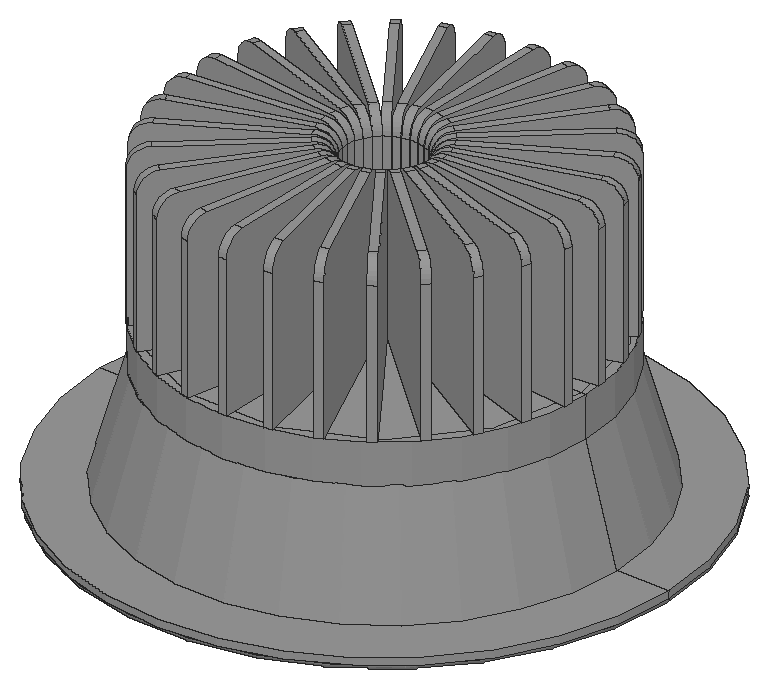
Revit family "WIL2_63_UN_Downlighter_ETK", category Lighting Fixtures, Revit 2017 (continued)
Definition of nested family "WIL.2 - Lightsource"
  Types (8, lengths in mm): name | Wattage Comments | Wattage | built-in parameter 1150134 | Photometric Web File | built-in parameter 1150142 | built-in parameter 1150105 | Lumens | built-in parameter 1150107 | built-in parameter 1150106 | Apparent Load
    WIL.2200.10 - LED 13W / 2020lm / 4000K | "13W" | 13.5989 W | 12 | "WIL.2200.10.ies" | "IESNA:LM-63-2002\r\n[TEST] /2017\r\n[TESTLAB] ies2eulumdat.appspot.com\r\n[ISSUEDATE] 2020-11-13T14:07:51.753\r\n[MANUFAC] www.etk.nl\r\n[LUMCAT] WIL.2200.10\r\n[LUMINAIRE] WIL.2 LED 13W 4000K helder wit Ø145 IP43\r\n[LAMPCAT] LED\r\n[LAMP] LED\r\nTILT=NONE\r\n1\t1520\t1\t19\t72\t1\t2\t-0.088\t-0.088\t0.001\r\n1.0\t1.0\t13.00\r\n0\t 5\t 10\t 15\t 20\t 25\t 30\t 35\t 40\t 45\r\n50\t 55\t 60\t 65\t 70\t 75\t 80\t 85\t 90\r\n0\t 5\t 10\t 15\t 20\t 25\t 30\t 35\t 40\t 45\r\n50\t 55\t 60\t 65\t 70\t 75\t 80\t 85\t 90\t 95\r\n100\t 105\t 110\t 115\t 120\t 125\t 130\t 135\t 140\t 145\r\n150\t 155\t 160\t 165\t 170\t 175\t 180\t 185\t 190\t 195\r\n200\t 205\t 210\t 215\t 220\t 225\t 230\t 235\t 240\t 245\r\n250\t 255\t 260\t 265\t 270\t 275\t 280\t 285\t 290\t 295\r\n300\t 305\t 310\t 315\t 320\t 325\t 330\t 335\t 340\t 345\r\n350\t 355\r\n1328.8144\t1310.5744\t1254.5016\t1143.6936\t998.032\t907.1664\t741.6536\t619.2632\t490.5952\t218.88\r\n42.1192\t35.2336\t27.6032\t17.8904\t17.0392\t12.7224\t12.5856\t6.9616\t0.3496\r\n1328.8144\t1310.2248\t1253.1336\t1142.3256\t995.98\t904.7648\t742.6416\t620.2968\t492.3736\t224.352\r\n42.0888\t35.2336\t28.044\t18.7416\t17.5256\t12.7224\t13.0264\t7.4024\t0.3496\r\n1328.8144\t1309.8144\t1252.6624\t1141.3224\t995.6304\t902.6672\t743.6448\t623.96\t494.5624\t231.1008\r\n42.5752\t35.2184\t28.5\t18.7416\t17.4648\t13.0872\t12.1144\t7.4024\t0.3496\r\n1328.8144\t1310.2248\t1253.1944\t1140.7904\t994.7336\t903.4576\t745.484\t627.9576\t497.3592\t236.9984\r\n42.5296\t35.6896\t28.88\t19.1064\t17.0392\t13.148\t12.1144\t7.4024\t0.3496\r\n1328.8144\t1310.1184\t1252.3128\t1138.9056\t994.384\t903.412\t747.3992\t630.9216\t496.8728\t239.932\r\n42.9856\t35.644\t28.424\t18.6808\t17.5256\t13.0872\t13.0264\t7.8736\t0.3496\r\n1328.8144\t1309.8296\t1252.7688\t1139.4224\t993.5632\t904.5064\t750.6368\t633.8856\t497.4048\t243.6864\r\n42.9856\t36.5712\t28.804\t18.6808\t17.4648\t13.528\t12.9656\t7.4024\t0.3496\r\n1328.8144\t1310.164\t1252.8296\t1138.9056\t994.9768\t906.3608\t752.0808\t636.5152\t497.8608\t247.9576\r\n43.472\t36.5712\t29.7008\t19.532\t18.5136\t13.528\t13.0264\t7.8432\t0.3496\r\n1328.8144\t1310.2248\t1251.416\t1139.0728\t994.5208\t906.7256\t754.072\t637.6096\t499.2744\t254.2808\r\n43.928\t37.4528\t30.1568\t19.532\t18.4528\t13.528\t13.0264\t7.7824\t0.3496\r\n1328.8144\t1310.3008\t1250.504\t1138.556\t995.3264\t909.1576\t755.4552\t637.2904\t499.2744\t258.856\r\n44.384\t37.9088\t31.4336\t19.8968\t17.4648\t13.5128\t13.4368\t7.8432\t0.3496\r\n1328.8144\t1310.2704\t1250.58\t1138.556\t996.1776\t910.6472\t755.4552\t637.3512\t500.1712\t262.6712\r\n44.8704\t37.9088\t31.4336\t19.9576\t17.9664\t13.9536\t12.9656\t7.4024\t0.3496\r\n1328.8144\t1310.2248\t1250.1544\t1137.6136\t994.5816\t910.3128\t755.9112\t636.88\t502.3904\t268.1128\r\n45.2808\t38.7904\t31.8136\t19.8968\t18.392\t13.9536\t13.4672\t7.4024\t0.3496\r\n1328.8144\t1310.2248\t1249.212\t1137.0968\t993.7608\t911.4224\t757.2944\t638.8104\t504.6096\t274.0104\r\n45.2808\t39.2464\t32.2544\t20.3224\t18.4528\t14.364\t13.4216\t7.4024\t0.2584\r\n1328.8144\t1310.7568\t1249.6832\t1137.188\t994.5208\t913.1552\t759.62\t639.0688\t505.0656\t276.564\r\n46.2232\t39.292\t32.7104\t20.3224\t18.4528\t14.364\t13.8776\t7.8432\t0.3496\r\n1328.8144\t1310.7568\t1248.8016\t1136.656\t996.588\t912.8056\t760.4712\t639.844\t505.5064\t279.9536\r\n46.2232\t39.2464\t32.7104\t20.3224\t18.9392\t13.9536\t13.8776\t7.7824\t0.3496\r\n1328.8144\t1310.3008\t1247.4336\t1135.7288\t995.8128\t913.5504\t762.3256\t640.224\t505.0048\t282.4008\r\n46.2232\t40.1736\t33.1512\t20.748\t18.9392\t13.9536\t13.8776\t8.2536\t0.3496\r\n1328.8144\t1310.3312\t1247.844\t1135.7288\t995.4024\t915.6176\t762.8424\t638.704\t504.564\t285.7904\r\n46.6336\t39.7024\t33.5312\t20.6872\t18.9392\t13.9536\t13.8776\t8.2536\t0.3496\r\n1328.8144\t1311.988\t1247.4944\t1134.2848\t994.6424\t915.5568\t761.7936\t637.2296\t503.2264\t285.7296\r\n46.6336\t40.584\t33.0904\t20.748\t18.9392\t13.9536\t14.2728\t8.2536\t0.3496\r\n1328.8144\t1311.1064\t1245.64\t1131.8984\t994.6424\t916.6056\t761.3984\t636.1352\t503.1808\t286.5504\r\n46.6336\t40.1128\t33.5312\t20.748\t19.4256\t14.8048\t14.3184\t8.2536\t0.3496\r\n1328.8144\t1312.8696\t1245.2752\t1131.0472\t994.2928\t916.256\t759.9392\t635.4208\t502.3448\t286.1552\r\n47.576\t40.128\t33.0904\t21.1736\t19.4256\t14.8048\t14.2728\t8.2536\t0.3496\r\n1328.8144\t1311.1064\t1245.64\t1131.8984\t994.6424\t916.6056\t761.3984\t636.1352\t503.1808\t286.5504\r\n46.6336\t40.1128\t33.5312\t20.748\t19.4256\t14.8048\t14.3184\t8.2536\t0.3496\r\n1328.8144\t1311.988\t1247.4944\t1134.2848\t994.6424\t915.5568\t761.7936\t637.2296\t503.2264\t285.7296\r\n46.6336\t40.584\t33.0904\t20.748\t18.9392\t13.9536\t14.2728\t8.2536\t0.3496\r\n1328.8144\t1310.3312\t1247.844\t1135.7288\t995.4024\t915.6176\t762.8424\t638.704\t504.564\t285.7904\r\n46.6336\t39.7024\t33.5312\t20.6872\t18.9392\t13.9536\t13.8776\t8.2536\t0.3496\r\n1328.8144\t1310.3008\t1247.4336\t1135.7288\t995.8128\t913.5504\t762.3256\t640.224\t505.0048\t282.4008\r\n46.2232\t40.1736\t33.1512\t20.748\t18.9392\t13.9536\t13.8776\t8.2536\t0.3496\r\n1328.8144\t1310.7568\t1248.8016\t1136.656\t996.588\t912.8056\t760.4712\t639.844\t505.5064\t279.9536\r\n46.2232\t39.2464\t32.7104\t20.3224\t18.9392\t13.9536\t13.8776\t7.7824\t0.3496\r\n1328.8144\t1310.7568\t1249.6832\t1137.188\t994.5208\t913.1552\t759.62\t639.0688\t505.0656\t276.564\r\n46.2232\t39.292\t32.7104\t20.3224\t18.4528\t14.364\t13.8776\t7.8432\t0.3496\r\n1328.8144\t1310.2248\t1249.212\t1137.0968\t993.7608\t911.4224\t757.2944\t638.8104\t504.6096\t274.0104\r\n45.2808\t39.2464\t32.2544\t20.3224\t18.4528\t14.364\t13.4216\t7.4024\t0.2584\r\n1328.8144\t1310.2248\t1250.1544\t1137.6136\t994.5816\t910.3128\t755.9112\t636.88\t502.3904\t268.1128\r\n45.2808\t38.7904\t31.8136\t19.8968\t18.392\t13.9536\t13.4672\t7.4024\t0.3496\r\n1328.8144\t1310.2704\t1250.58\t1138.556\t996.1776\t910.6472\t755.4552\t637.3512\t500.1712\t262.6712\r\n44.8704\t37.9088\t31.4336\t19.9576\t17.9664\t13.9536\t12.9656\t7.4024\t0.3496\r\n1328.8144\t1310.3008\t1250.504\t1138.556\t995.3264\t909.1576\t755.4552\t637.2904\t499.2744\t258.856\r\n44.384\t37.9088\t31.4336\t19.8968\t17.4648\t13.5128\t13.4368\t7.8432\t0.3496\r\n1328.8144\t1310.2248\t1251.416\t1139.0728\t994.5208\t906.7256\t754.072\t637.6096\t499.2744\t254.2808\r\n43.928\t37.4528\t30.1568\t19.532\t18.4528\t13.528\t13.0264\t7.7824\t0.3496\r\n1328.8144\t1310.164\t1252.8296\t1138.9056\t994.9768\t906.3608\t752.0808\t636.5152\t497.8608\t247.9576\r\n43.472\t36.5712\t29.7008\t19.532\t18.5136\t13.528\t13.0264\t7.8432\t0.3496\r\n1328.8144\t1309.8296\t1252.7688\t1139.4224\t993.5632\t904.5064\t750.6368\t633.8856\t497.4048\t243.6864\r\n42.9856\t36.5712\t28.804\t18.6808\t17.4648\t13.528\t12.9656\t7.4024\t0.3496\r\n1328.8144\t1310.1184\t1252.3128\t1138.9056\t994.384\t903.412\t747.3992\t630.9216\t496.8728\t239.932\r\n42.9856\t35.644\t28.424\t18.6808\t17.5256\t13.0872\t13.0264\t7.8736\t0.3496\r\n1328.8144\t1310.2248\t1253.1944\t1140.7904\t994.7336\t903.4576\t745.484\t627.9576\t497.3592\t236.9984\r\n42.5296\t35.6896\t28.88\t19.1064\t17.0392\t13.148\t12.1144\t7.4024\t0.3496\r\n1328.8144\t1309.8144\t1252.6624\t1141.3224\t995.6304\t902.6672\t743.6448\t623.96\t494.5624\t231.1008\r\n42.5752\t35.2184\t28.5\t18.7416\t17.4648\t13.0872\t12.1144\t7.4024\t0.3496\r\n1328.8144\t1310.2248\t1253.1336\t1142.3256\t995.98\t904.7648\t742.6416\t620.2968\t492.3736\t224.352\r\n42.0888\t35.2336\t28.044\t18.7416\t17.5256\t12.7224\t13.0264\t7.4024\t0.3496\r\n1328.8144\t1310.5744\t1254.5016\t1143.6936\t998.032\t907.1664\t741.6536\t619.2632\t490.5952\t218.88\r\n42.1192\t35.2336\t27.6032\t17.8904\t17.0392\t12.7224\t12.5856\t6.9616\t0.3496\r\n1328.8144\t1310.2248\t1253.1336\t1142.3256\t995.98\t904.7648\t742.6416\t620.2968\t492.3736\t224.352\r\n42.0888\t35.2336\t28.044\t18.7416\t17.5256\t12.7224\t13.0264\t7.4024\t0.3496\r\n1328.8144\t1309.8144\t1252.6624\t1141.3224\t995.6304\t902.6672\t743.6448\t623.96\t494.5624\t231.1008\r\n42.5752\t35.2184\t28.5\t18.7416\t17.4648\t13.0872\t12.1144\t7.4024\t0.3496\r\n1328.8144\t1310.2248\t1253.1944\t1140.7904\t994.7336\t903.4576\t745.484\t627.9576\t497.3592\t236.9984\r\n42.5296\t35.6896\t28.88\t19.1064\t17.0392\t13.148\t12.1144\t7.4024\t0.3496\r\n1328.8144\t1310.1184\t1252.3128\t1138.9056\t994.384\t903.412\t747.3992\t630.9216\t496.8728\t239.932\r\n42.9856\t35.644\t28.424\t18.6808\t17.5256\t13.0872\t13.0264\t7.8736\t0.3496\r\n1328.8144\t1309.8296\t1252.7688\t1139.4224\t993.5632\t904.5064\t750.6368\t633.8856\t497.4048\t243.6864\r\n42.9856\t36.5712\t28.804\t18.6808\t17.4648\t13.528\t12.9656\t7.4024\t0.3496\r\n1328.8144\t1310.164\t1252.8296\t1138.9056\t994.9768\t906.3608\t752.0808\t636.5152\t497.8608\t247.9576\r\n43.472\t36.5712\t29.7008\t19.532\t18.5136\t13.528\t13.0264\t7.8432\t0.3496\r\n1328.8144\t1310.2248\t1251.416\t1139.0728\t994.5208\t906.7256\t754.072\t637.6096\t499.2744\t254.2808\r\n43.928\t37.4528\t30.1568\t19.532\t18.4528\t13.528\t13.0264\t7.7824\t0.3496\r\n1328.8144\t1310.3008\t1250.504\t1138.556\t995.3264\t909.1576\t755.4552\t637.2904\t499.2744\t258.856\r\n44.384\t37.9088\t31.4336\t19.8968\t17.4648\t13.5128\t13.4368\t7.8432\t0.3496\r\n1328.8144\t1310.2704\t1250.58\t1138.556\t996.1776\t910.6472\t755.4552\t637.3512\t500.1712\t262.6712\r\n44.8704\t37.9088\t31.4336\t19.9576\t17.9664\t13.9536\t12.9656\t7.4024\t0.3496\r\n1328.8144\t1310.2248\t1250.1544\t1137.6136\t994.5816\t910.3128\t755.9112\t636.88\t502.3904\t268.1128\r\n45.2808\t38.7904\t31.8136\t19.8968\t18.392\t13.9536\t13.4672\t7.4024\t0.3496\r\n1328.8144\t1310.2248\t1249.212\t1137.0968\t993.7608\t911.4224\t757.2944\t638.8104\t504.6096\t274.0104\r\n45.2808\t39.2464\t32.2544\t20.3224\t18.4528\t14.364\t13.4216\t7.4024\t0.2584\r\n1328.8144\t1310.7568\t1249.6832\t1137.188\t994.5208\t913.1552\t759.62\t639.0688\t505.0656\t276.564\r\n46.2232\t39.292\t32.7104\t20.3224\t18.4528\t14.364\t13.8776\t7.8432\t0.3496\r\n1328.8144\t1310.7568\t1248.8016\t1136.656\t996.588\t912.8056\t760.4712\t639.844\t505.5064\t279.9536\r\n46.2232\t39.2464\t32.7104\t20.3224\t18.9392\t13.9536\t13.8776\t7.7824\t0.3496\r\n1328.8144\t1310.3008\t1247.4336\t1135.7288\t995.8128\t913.5504\t762.3256\t640.224\t505.0048\t282.4008\r\n46.2232\t40.1736\t33.1512\t20.748\t18.9392\t13.9536\t13.8776\t8.2536\t0.3496\r\n1328.8144\t1310.3312\t1247.844\t1135.7288\t995.4024\t915.6176\t762.8424\t638.704\t504.564\t285.7904\r\n46.6336\t39.7024\t33.5312\t20.6872\t18.9392\t13.9536\t13.8776\t8.2536\t0.3496\r\n1328.8144\t1311.988\t1247.4944\t1134.2848\t994.6424\t915.5568\t761.7936\t637.2296\t503.2264\t285.7296\r\n46.6336\t40.584\t33.0904\t20.748\t18.9392\t13.9536\t14.2728\t8.2536\t0.3496\r\n1328.8144\t1311.1064\t1245.64\t1131.8984\t994.6424\t916.6056\t761.3984\t636.1352\t503.1808\t286.5504\r\n46.6336\t40.1128\t33.5312\t20.748\t19.4256\t14.8048\t14.3184\t8.2536\t0.3496\r\n1328.8144\t1312.8696\t1245.2752\t1131.0472\t994.2928\t916.256\t759.9392\t635.4208\t502.3448\t286.1552\r\n47.576\t40.128\t33.0904\t21.1736\t19.4256\t14.8048\t14.2728\t8.2536\t0.3496\r\n1328.8144\t1311.1064\t1245.64\t1131.8984\t994.6424\t916.6056\t761.3984\t636.1352\t503.1808\t286.5504\r\n46.6336\t40.1128\t33.5312\t20.748\t19.4256\t14.8048\t14.3184\t8.2536\t0.3496\r\n1328.8144\t1311.988\t1247.4944\t1134.2848\t994.6424\t915.5568\t761.7936\t637.2296\t503.2264\t285.7296\r\n46.6336\t40.584\t33.0904\t20.748\t18.9392\t13.9536\t14.2728\t8.2536\t0.3496\r\n1328.8144\t1310.3312\t1247.844\t1135.7288\t995.4024\t915.6176\t762.8424\t638.704\t504.564\t285.7904\r\n46.6336\t39.7024\t33.5312\t20.6872\t18.9392\t13.9536\t13.8776\t8.2536\t0.3496\r\n1328.8144\t1310.3008\t1247.4336\t1135.7288\t995.8128\t913.5504\t762.3256\t640.224\t505.0048\t282.4008\r\n46.2232\t40.1736\t33.1512\t20.748\t18.9392\t13.9536\t13.8776\t8.2536\t0.3496\r\n1328.8144\t1310.7568\t1248.8016\t1136.656\t996.588\t912.8056\t760.4712\t639.844\t505.5064\t279.9536\r\n46.2232\t39.2464\t32.7104\t20.3224\t18.9392\t13.9536\t13.8776\t7.7824\t0.3496\r\n1328.8144\t1310.7568\t1249.6832\t1137.188\t994.5208\t913.1552\t759.62\t639.0688\t505.0656\t276.564\r\n46.2232\t39.292\t32.7104\t20.3224\t18.4528\t14.364\t13.8776\t7.8432\t0.3496\r\n1328.8144\t1310.2248\t1249.212\t1137.0968\t993.7608\t911.4224\t757.2944\t638.8104\t504.6096\t274.0104\r\n45.2808\t39.2464\t32.2544\t20.3224\t18.4528\t14.364\t13.4216\t7.4024\t0.2584\r\n1328.8144\t1310.2248\t1250.1544\t1137.6136\t994.5816\t910.3128\t755.9112\t636.88\t502.3904\t268.1128\r\n45.2808\t38.7904\t31.8136\t19.8968\t18.392\t13.9536\t13.4672\t7.4024\t0.3496\r\n1328.8144\t1310.2704\t1250.58\t1138.556\t996.1776\t910.6472\t755.4552\t637.3512\t500.1712\t262.6712\r\n44.8704\t37.9088\t31.4336\t19.9576\t17.9664\t13.9536\t12.9656\t7.4024\t0.3496\r\n1328.8144\t1310.3008\t1250.504\t1138.556\t995.3264\t909.1576\t755.4552\t637.2904\t499.2744\t258.856\r\n44.384\t37.9088\t31.4336\t19.8968\t17.4648\t13.5128\t13.4368\t7.8432\t0.3496\r\n1328.8144\t1310.2248\t1251.416\t1139.0728\t994.5208\t906.7256\t754.072\t637.6096\t499.2744\t254.2808\r\n43.928\t37.4528\t30.1568\t19.532\t18.4528\t13.528\t13.0264\t7.7824\t0.3496\r\n1328.8144\t1310.164\t1252.8296\t1138.9056\t994.9768\t906.3608\t752.0808\t636.5152\t497.8608\t247.9576\r\n43.472\t36.5712\t29.7008\t19.532\t18.5136\t13.528\t13.0264\t7.8432\t0.3496\r\n1328.8144\t1309.8296\t1252.7688\t1139.4224\t993.5632\t904.5064\t750.6368\t633.8856\t497.4048\t243.6864\r\n42.9856\t36.5712\t28.804\t18.6808\t17.4648\t13.528\t12.9656\t7.4024\t0.3496\r\n1328.8144\t1310.1184\t1252.3128\t1138.9056\t994.384\t903.412\t747.3992\t630.9216\t496.8728\t239.932\r\n42.9856\t35.644\t28.424\t18.6808\t17.5256\t13.0872\t13.0264\t7.8736\t0.3496\r\n1328.8144\t1310.2248\t1253.1944\t1140.7904\t994.7336\t903.4576\t745.484\t627.9576\t497.3592\t236.9984\r\n42.5296\t35.6896\t28.88\t19.1064\t17.0392\t13.148\t12.1144\t7.4024\t0.3496\r\n1328.8144\t1309.8144\t1252.6624\t1141.3224\t995.6304\t902.6672\t743.6448\t623.96\t494.5624\t231.1008\r\n42.5752\t35.2184\t28.5\t18.7416\t17.4648\t13.0872\t12.1144\t7.4024\t0.3496\r\n1328.8144\t1310.2248\t1253.1336\t1142.3256\t995.98\t904.7648\t742.6416\t620.2968\t492.3736\t224.352\r\n42.0888\t35.2336\t28.044\t18.7416\t17.5256\t12.7224\t13.0264\t7.4024\t0.3496" | 3348.3 (stored number, unit not read) | 2020 lm | 4000 (stored number, unit not read) | 33.483 (stored number, unit not read) | 13 VA
